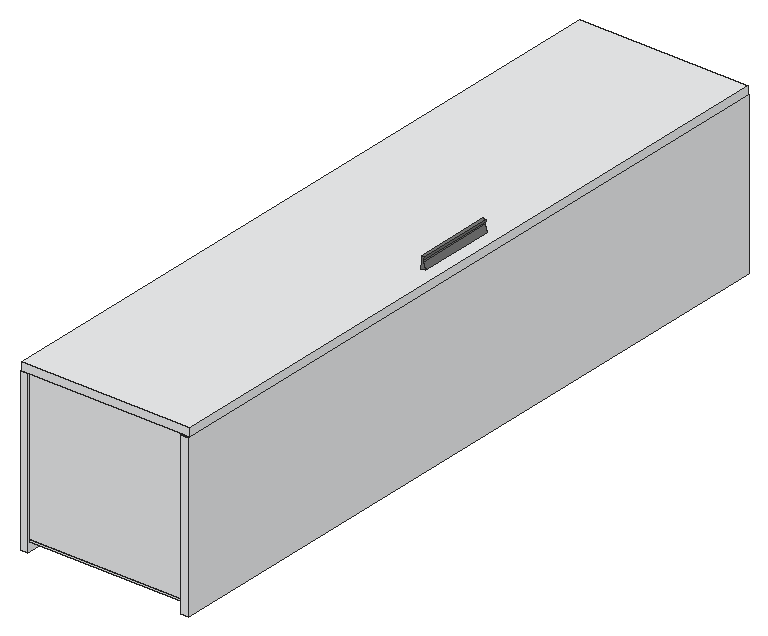
Revit family "TallUnit-35cm-Vitra-MiaSeries-66166+66167+66168", category Furniture, host Face, Revit 2017
Family settings
  Host = Face
  OmniClass Number = 23.40.20.00
  OmniClass Title = General Furniture and Specialties
  Cut with Voids When Loaded = No
  Shared = Yes
  Room Calculation Point = No
Parameters (values of type "TallUnit-35cm-Vitra-MiaSeries-66166")
  Youtube = "https://www.youtube.com/user/VitrAglobal"
  Weight Net (kg) = "26"
  Warranty Period (Year) = "2"
  Uniformat II Description = "Fixed Furnishings"
  Uniformat II Code = "E2010"
  Uniclass 2015 Name = "Bathroom Cabinets"
  Uniclass 2015 Code = "Pr_40_30_78_03"
  Uniclass 2.0 Description = "Bathroom Cabinets"
  Uniclass 2.0 Code = "PR-35-75-08"
  Uniclass 1.4 Description = "Bathroom Cabinets"
  Uniclass 1.4 Code = "L8241"
  URL = "https://vitraglobal.com/"
  UNSPSC Description = "Bathroom Cabinets"
  UNSPSC Code = "30161801"
  Technical description = "https://www.vitra.com.tr/pdf/66166/"
  Tap hole Options (default) = ""
  Specification = ""
  Secondary Material = Metal
  Region South America = "All"
  Region Oceania = "All"
  Region North America = "All"
  Region Middle East = "All"
  Region Europe = "All"
  Region Asia = "All"
  Region Antarctica = "All"
  Region Africa = "All"
  Product url = "https://www.vitra.com.tr/banyo-mobilyasi/boy-dolabi/standart-boy-dolaplar/mia-boy-dolabi-sku-66166/"
  Product manual = ""
  Product group = "Bathroom Furniture"
  Product family = "Mia"
  Product data url = ""
  Product certification = "https://www.vitraglobal.com/brochures/"
  Product SKU = "66166"
  Product Guid = ""
  Primary Material = Bright White
  OmniClass Description = "Bathroom Cabinets"
  OmniClass Code = "23-31 25 13"
  Nominal Width (mm) = 350 mm
  Nominal Height (mm) = 1475 mm
  Nominal Depth (mm) = 375 mm
  NBS Referans Description = "Bathroom Cabinets"
  NBS Referans Code = "35-75-08"
  Mounting type = "Wall Hung"
  Model = "66166"
  Masterformat 2014 Description = "Bathroom Casework"
  Masterformat 2014 Code = "12 35 30.23"
  Manufacturer name = "VitrA"
  Manufacturer = "Vitra"
  Main Material = "Wood"
  Installation instructions = ""
  IFC Classification = "Furniture"
  EAN code = ""
  Design country = "Turkey"
  Description = "Mia - Tall Unit - 35cm"
  Default Elevation = 450 mm
  Color = "Bright White"
  COBIe Type Category = ""
  Brand = "VitrA"
  BIMobject category = "Storage"
  Article No. (default) = "66166"
  Accessories (default) = ""
Types (3, lengths in mm): name | Technical description | Product url | Product SKU | Primary Material | Model | Color | Article No. (default)
  TallUnit-35cm-Vitra-MiaSeries-66166 | "https://www.vitra.com.tr/pdf/66166/" | "https://www.vitra.com.tr/banyo-mobilyasi/boy-dolabi/standart-boy-dolaplar/mia-boy-dolabi-sku-66166/" | "66166" | Bright White | "66166" | "Bright White" | "66166"
  TallUnit-35cm-Vitra-MiaSeries-66167 | "https://vitraglobal.com/" | "https://vitraglobal.com/" | "66167" | Bright Antracit | "66167" | "Bright Antracit" | "66167"
  TallUnit-35cm-Vitra-MiaSeries-66168 | "https://vitraglobal.com/" | "https://vitraglobal.com/" | "66168" | Cordoba | "66168" | "Cordoba" | "66168"
Reference planes
  plane 1 "Center (Front/Back)": y = 0
  plane 2: z = 0
  plane 3 "Center (Left/Right)": x = 0
  plane 4: y = 725.981
  plane 5: y = -749.019
  plane 6: x = 175
  plane 7: x = -175
  plane 8: z = 375
Forms (mm)
  Extrusion 1, solid, material "Bright White" <- "Primary Material", detail levels medium+fine
    sketch origin (0, 0, 0) x (1, 0, 0) y (0, 1, 0)
      loop
        line (175, -727.019) -> (175, 725.348) -> (159, 725.348) -> (159, -727.019) -> (175, -727.019)
      loop
        line (-159, 725.348) -> (-175, 725.348) -> (-175, -727.019) -> (-159, -727.019) -> (-159, 725.348)
    from 0 to 333
  Extrusion 2, solid, material "Bright White" <- "Primary Material", detail levels medium+fine
    sketch origin (0, 0, 0) x (0, 1, 0) y (0, 0, 1)
      loop
        line (724.348, 25) -> (-725.019, 25) -> (-725.019, 21) -> (724.348, 21) -> (724.348, 25)
    from -167 to 166.5
  Extrusion 3, solid, material "Bright White" <- "Primary Material", detail levels medium+fine
    sketch origin (0, 0, 0) x (0, 1, 0) y (0, 0, 1)
      loop
        line (-710.019, 333) -> (-726.019, 333) -> (-726.019, 26) -> (-710.019, 26) -> (-710.019, 333)
      loop
        line (709.981, 333) -> (709.981, 26) -> (725.981, 26) -> (725.981, 333) -> (709.981, 333)
    from -159 to 159
  Extrusion 4, solid, material "Bright White" <- "Primary Material", detail levels medium+fine
    sketch origin (0, 0, 0) x (0, 1, 0) y (0, 0, 1)
      loop
        line (366.232, 329.039) -> (350.232, 329.039) -> (350.232, 29.039) -> (366.232, 29.039) -> (366.232, 329.039)
      loop
        line (8.348, 26) -> (8.348, 333) -> (-7.652, 333) -> (-7.652, 26) -> (8.348, 26)
      loop
        line (-316.942, 329.35) -> (-332.942, 329.35) -> (-332.942, 29.35) -> (-316.942, 29.35) -> (-316.942, 329.35)
    from -159 to 159
  Extrusion 5, solid, material "Bright White" <- "Primary Material", detail levels medium+fine
    sketch origin (0, 0, 0) x (0, 1, 0) y (0, 0, 1)
      loop
        line (-725.019, 350) -> (-725.019, 334) -> (723.348, 334) -> (723.348, 350) -> (-725.019, 350)
    from -173 to 175
  Extrusion 6, solid, material "Metal" <- "Secondary Material", detail levels fine
    sketch origin (0, 0, 0) x (1, 0, 0) y (0, 0, 1)
      loop
        line (145.285, 369.138) -> (146.5, 374) -> (139.5, 374) -> (140.715, 369.138)
        arc (140.715, 369.138) -> (141.01, 366.993) -> (140.836, 364.835) r 10
        line (140.836, 364.835) -> (138, 350) -> (148, 350) -> (145.164, 364.835)
        arc (145.164, 364.835) -> (144.99, 366.993) -> (145.285, 369.138) r 10
    from -79.848 to 79.152
  Extrusion 7, solid, detail levels coarse
    sketch origin (0, 0, 0) x (1, 0, 0) y (0, 1, 0)
      loop
        line (175, 725.981) -> (-175, 725.981) -> (-175, -727.019) -> (175, -727.019) -> (175, 725.981)
    from 0 to 375
  Extrusion 8, void
    sketch origin (0, 0, 0) x (1, 0, 0) y (0, 0, 1)
      loop
        arc (175, 350) -> (73.073, 596.073) -> (-173, 698) r 348
        line (-173, 698) -> (-173, 350) -> (175, 350)
    from -725.348 to 727.019
Dimensions and locks
  "Nominal Width (mm)": plane 7 to plane 6
  "Nominal Height (mm)": plane 4 to plane 5
  "Nominal Depth (mm)": plane 8 to level
  aligned and locked: plane 2 to host face
  aligned and locked: level to host face
Automatic sketch dimensions
  host sketch curve to host sketch curve = 2438.4 mm
  host sketch curve to host sketch curve = 2743.2 mm
  Extrusion 1 sketch curve to plane 7 = 0 mm
  Extrusion 1 sketch curve to plane 6 = 0 mm
  Extrusion 1 sketch curve to Extrusion 1 sketch curve = 16 mm
  plane 6 to Extrusion 1 sketch curve = 16 mm
  plane 5 to Extrusion 1 sketch curve = 22 mm  (x2)
  Extrusion 1 sketch curve to plane 4 = 0.633 mm  (x2)
  plane 5 to Extrusion 2 sketch curve = 24 mm
  Extrusion 2 sketch curve to plane 4 = 1.633 mm
  level to Extrusion 2 sketch curve = 21 mm
  Extrusion 2 sketch curve to Extrusion 2 sketch curve = 4 mm
  Extrusion 3 sketch curve to plane 4 = 0 mm
  Extrusion 3 sketch curve to plane 4 = 16 mm
  plane 5 to Extrusion 3 sketch curve = 39 mm
  Extrusion 3 sketch curve to Extrusion 3 sketch curve = 16 mm
  level to Extrusion 3 sketch curve = 26 mm  (x2)
  Extrusion 3 sketch curve to plane 8 = 42 mm  (x2)
  Extrusion 4 sketch curve to plane 8 = 45.65 mm
  plane 1 "Center (Front/Back)" to Extrusion 4 sketch curve = 332.942 mm
  Extrusion 4 sketch curve to Extrusion 4 sketch curve = 16 mm  (x2)
  plane 1 "Center (Front/Back)" to Extrusion 4 sketch curve = 7.652 mm
  Extrusion 4 sketch curve to plane 1 "Center (Front/Back)" = 8.348 mm
  level to Extrusion 4 sketch curve = 29.039 mm
  Extrusion 4 sketch curve to Extrusion 4 sketch curve = 341.884 mm
  level to Extrusion 4 sketch curve = 26 mm
  level to Extrusion 4 sketch curve = 29.35 mm
  Extrusion 4 sketch curve to plane 8 = 45.961 mm
  Extrusion 4 sketch curve to plane 8 = 42 mm
  plane 5 to Extrusion 5 sketch curve = 24 mm
  Extrusion 5 sketch curve to plane 4 = 2.633 mm
  Extrusion 5 sketch curve to plane 8 = 41 mm
  Extrusion 5 sketch curve to Extrusion 5 sketch curve = 16 mm
  Extrusion 6 sketch curve to plane 8 = 8.287 mm  (x2)
  plane 6 to Extrusion 6 sketch curve = 43.986 mm
  Extrusion 6 sketch curve to Extrusion 6 sketch curve = 6.986 mm
  Extrusion 6 sketch curve to plane 8 = 1 mm
  Extrusion 6 sketch curve to Extrusion 6 sketch curve = 8.486 mm
  Extrusion 6 sketch curve to plane 8 = 5.862 mm  (x2)
  Extrusion 6 sketch curve to Extrusion 6 sketch curve = 1.215 mm  (x2)
  Extrusion 6 sketch curve to plane 8 = 10.165 mm  (x2)
  Extrusion 6 sketch curve to Extrusion 6 sketch curve = 4.328 mm
  Extrusion 6 sketch curve to Extrusion 6 sketch curve = 0.121 mm
  Extrusion 6 sketch curve to Extrusion 6 sketch curve = 10 mm
  Extrusion 6 sketch curve to Extrusion 6 sketch curve = 14.835 mm
  Extrusion 7 sketch curve to plane 4 = 0 mm
  Extrusion 7 sketch curve to plane 7 = 0 mm
  Extrusion 7 sketch curve to plane 6 = 0 mm
  plane 5 to Extrusion 7 sketch curve = 22 mm
  plane 6 to Extrusion 8 sketch curve = 0 mm
  Extrusion 8 sketch curve to plane 7 = 2 mm
  Extrusion 8 sketch curve to plane 8 = 25 mm
